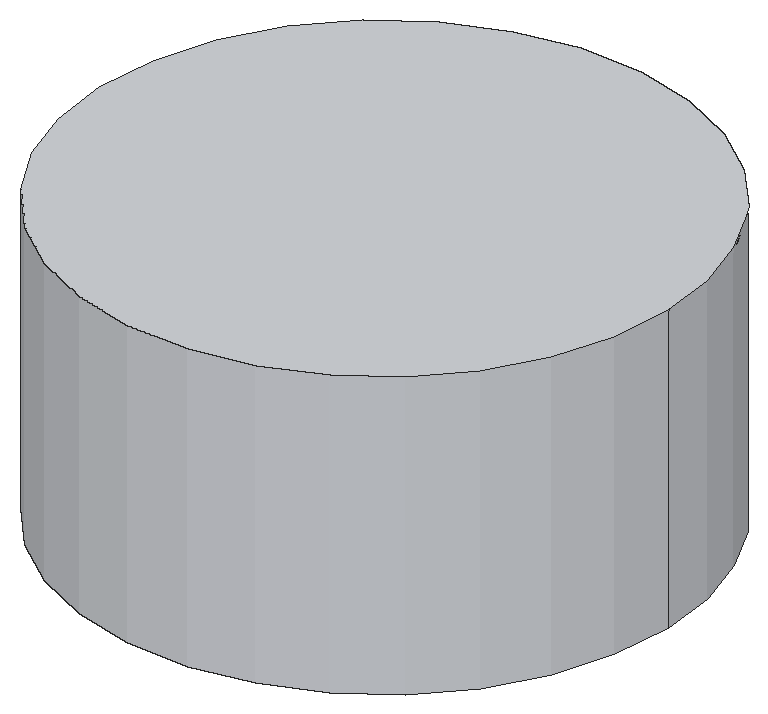
Revit family "07865010", category Specialty Equipment, Revit 2023
Family settings
  Round Connector Dimension = Use Diameter
  Part Type = Normal
  OmniClass Number = 23.40.40.00
  OmniClass Title = Food Service Equipment and Furnishings
  Work Plane-Based = No
  Enable Cutting in Views = Yes
  Always vertical = Yes
  Cut with Voids When Loaded = No
  Maintain Annotation Orientation = No
  Shared = No
  Room Calculation Point = No
Parameters (values of type "Standard")
  URL = "https://www.rustfriebergh.no/produkter/kj-lebr-nner-og-kj-leplater-pa-stativ/kj-leplate-pa-stativ-rbkp-2"
  Model = "07865010"
  Manufacturer = "Rustfriebergh AS"
  Description = "Kjøleplate RBKP-T-5GN"
  Default Elevation = 0 mm
Reference planes
  plane 1 "Center (Front/Back)": y = 0
  plane 2: z = 0
  plane 3 "Center (Left/Right)": x = 0
Forms (mm)
  Extrusion 1, solid
    sketch origin (-797.118, -463.602, 890.295) x (1, 0, 0) y (0, 1, 0)
      loop
        circle (0, 0) r 3.048
    from 0 to -3.048
Dimensions and locks
  aligned and locked: level to plane 2
Connectors
  electrical at (-797.118, -463.602, 890.295)
    settings: on Extrusion 1, index 1, voltage 230 V, apparent load 0 VA, apparent load phase1 0 VA, apparent load phase2 0 VA, apparent load phase3 0 VA, power factor 0, load classification "Other", number of poles 1, system type 30, power factor state 1, is connector primary yes, connector utility no, sub classification motor no, connector description "Strømart"
